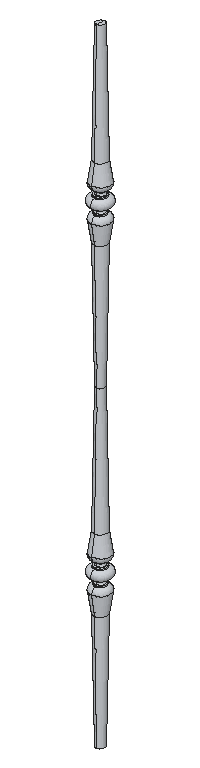
Revit family "325DL", category Balusters, Revit 2023
Family settings
  OmniClass Number = 23.30.80.11.11.14
  OmniClass Title = Posts, Newel Posts, Pickets
  Always vertical = Yes
  Cut with Voids When Loaded = No
  Shared = No
Parameters
  built-in parameter 1008623 [instance] = 32.47°
  built-in parameter 1008625 [instance] = (empty or 0)
  Post = no
  built-in parameter 1008624 [instance] = 32.47°
  built-in parameter 1008622 [instance] = 3' - 6"
Reference planes (in)
  plane 1 "Center (Front/Back)": y = 0
  plane 2: z = 0
  plane 3 "Center (Left/Right)": x = 0
  plane 4 "Top": z = 42
  plane 5 "Top Cut Angle": through (0, 13.58797, 33.35351) normal (0, -0.5369, -0.8437)
  plane 6 "Bottom Cut Angle": through (0, 0, 0) normal (0, -0.5369, -0.8437)
Forms (in)
  Revolve 1, solid
    sketch origin (0, 0, 0) x (0, 1, 0) y (0, 0, 1)
      loop
        line (0.27268, 41.99985) -> (0.00015, 41.99985) -> (0.00015, 0) -> (0.27683, 0) -> (0.45596, 7.73148)
        spline (0.45596, 7.73148) -> (0.46776, 7.91208) -> (0.48166, 8.07303) -> (0.4973, 8.21625) -> (0.51432, 8.34369) -> (0.53236, 8.45727) -> (0.55106, 8.55893) -> (0.57007, 8.6506) -> (0.58903, 8.73422) -> (0.60757, 8.81172) -> (0.62535, 8.88504) -> (0.64199, 8.9561) -> (0.65715, 9.02684)
        spline (0.65715, 9.02684) -> (0.66178, 9.06232) -> (0.66169, 9.09946) -> (0.65664, 9.13751) -> (0.64634, 9.17571) -> (0.63055, 9.21331) -> (0.60899, 9.24956) -> (0.58139, 9.28373) -> (0.5475, 9.31504) -> (0.50704, 9.34276) -> (0.45976, 9.36613) -> (0.40538, 9.38441) -> (0.34365, 9.39684)
        arc (0.34365, 9.39684) -> (0.36225, 9.41197) -> (0.36518, 9.43577) r 0.03211
        line (0.36518, 9.43577) -> (0.33479, 9.49019)
        arc (0.33479, 9.49019) -> (0.27548, 9.58536) -> (0.30145, 9.69444) r 0.14552
        line (0.30145, 9.69444) -> (0.37052, 9.75048) -> (0.40325, 9.80922)
        arc (0.40325, 9.80922) -> (0.40446, 9.82819) -> (0.39049, 9.84109) r 0.0221
        line (0.39049, 9.84109) -> (0.45837, 9.84109)
        arc (0.45837, 9.84109) -> (0.74836, 10.13108) -> (0.45837, 10.42107) r 0.28999
        line (0.45837, 10.42107) -> (0.39049, 10.42107)
        arc (0.39049, 10.42107) -> (0.40446, 10.43396) -> (0.40325, 10.45294) r 0.0221
        line (0.40325, 10.45294) -> (0.37052, 10.51168) -> (0.30145, 10.56772)
        arc (0.30145, 10.56772) -> (0.27548, 10.6768) -> (0.33479, 10.77197) r 0.14552
        line (0.33479, 10.77197) -> (0.36518, 10.82638)
        arc (0.36518, 10.82638) -> (0.36471, 10.84448) -> (0.35453, 10.85945) r 0.03211
        spline (0.35453, 10.85945) -> (0.41503, 10.87261) -> (0.46821, 10.89139) -> (0.51434, 10.91508) -> (0.55369, 10.94294) -> (0.58654, 10.97424) -> (0.61315, 11.00823) -> (0.63381, 11.0442) -> (0.64877, 11.0814) -> (0.65831, 11.11911) -> (0.66271, 11.15658) -> (0.66223, 11.1931) -> (0.65715, 11.22791)
        spline (0.65715, 11.22791) -> (0.64203, 11.29865) -> (0.62542, 11.3697) -> (0.60767, 11.443) -> (0.58914, 11.52048) -> (0.5702, 11.60408) -> (0.55119, 11.69573) -> (0.53249, 11.79737) -> (0.51444, 11.91093) -> (0.4974, 12.03835) -> (0.48174, 12.18156) -> (0.4678, 12.3425) -> (0.45596, 12.52309)
        line (0.45596, 12.52309) -> (0.25718, 20.91035) -> (0.45596, 29.29761)
        spline (0.45596, 29.29761) -> (0.4678, 29.47821) -> (0.48174, 29.63914) -> (0.4974, 29.78235) -> (0.51444, 29.90977) -> (0.53249, 30.02333) -> (0.55119, 30.12497) -> (0.5702, 30.21662) -> (0.58914, 30.30022) -> (0.60767, 30.3777) -> (0.62542, 30.451) -> (0.64203, 30.52205) -> (0.65715, 30.59279)
        spline (0.65715, 30.59279) -> (0.66223, 30.62761) -> (0.66271, 30.66412) -> (0.65831, 30.70159) -> (0.64877, 30.7393) -> (0.63381, 30.7765) -> (0.61315, 30.81247) -> (0.58654, 30.84647) -> (0.55369, 30.87776) -> (0.51434, 30.90562) -> (0.46821, 30.92931) -> (0.41503, 30.9481) -> (0.35453, 30.96125)
        arc (0.35453, 30.96125) -> (0.36471, 30.97622) -> (0.36518, 30.99432) r 0.03211
        line (0.36518, 30.99432) -> (0.33479, 31.04874)
        arc (0.33479, 31.04874) -> (0.27548, 31.1439) -> (0.30145, 31.25299) r 0.14552
        line (0.30145, 31.25299) -> (0.37052, 31.30903) -> (0.40325, 31.36777)
        arc (0.40325, 31.36777) -> (0.40446, 31.38674) -> (0.39049, 31.39963) r 0.0221
        line (0.39049, 31.39963) -> (0.45837, 31.39963)
        arc (0.45837, 31.39963) -> (0.74836, 31.68962) -> (0.45837, 31.97962) r 0.28999
        line (0.45837, 31.97962) -> (0.39049, 31.97962)
        arc (0.39049, 31.97962) -> (0.40446, 31.99251) -> (0.40325, 32.01148) r 0.0221
        line (0.40325, 32.01148) -> (0.37052, 32.07022) -> (0.30145, 32.12626)
        arc (0.30145, 32.12626) -> (0.27548, 32.23535) -> (0.33479, 32.33051) r 0.14552
        line (0.33479, 32.33051) -> (0.36518, 32.38493)
        arc (0.36518, 32.38493) -> (0.36225, 32.40873) -> (0.34365, 32.42386) r 0.03211
        spline (0.34365, 32.42386) -> (0.40538, 32.43629) -> (0.45976, 32.45457) -> (0.50704, 32.47794) -> (0.5475, 32.50566) -> (0.58139, 32.53698) -> (0.60899, 32.57114) -> (0.63055, 32.6074) -> (0.64634, 32.645) -> (0.65664, 32.6832) -> (0.66169, 32.72124) -> (0.66178, 32.75838) -> (0.65715, 32.79386)
        spline (0.65715, 32.79386) -> (0.64199, 32.86461) -> (0.62535, 32.93567) -> (0.60757, 33.00898) -> (0.58903, 33.08648) -> (0.57007, 33.1701) -> (0.55106, 33.26177) -> (0.53236, 33.36343) -> (0.51432, 33.47701) -> (0.4973, 33.60445) -> (0.48166, 33.74767) -> (0.46776, 33.90862) -> (0.45596, 34.08922)
        line (0.45596, 34.08922) -> (0.27268, 41.99985)
      axis (0, 0) -> (0, 41.99985)
    angle from 0 to 360
Text (in)
  text "Baluster Elevation" at (0, 56.5946, 48.5925), in view "Left"
Dimensions and locks (in)
  "built-in parameter 1008622": plane 2 to plane 4 "Top"
  "built-in parameter 1008623": angle plane 4 "Top" to plane 5 "Top Cut Angle"
  "built-in parameter 1008624": angle level to plane 6 "Bottom Cut Angle"
  aligned and locked: plane 2 to level
Automatic sketch dimensions
  Revolve 1 sketch curve to plane 1 "Center (Front/Back)" = 0' - 0"
  Revolve 1 sketch curve to level = 0' - 0"
  Revolve 1 sketch curve to plane 1 "Center (Front/Back)" = 0' - 0.00015"
  Revolve 1 sketch curve to plane 1 "Center (Front/Back)" = 0' - 0.25718"
  plane 4 "Top" to Revolve 1 sketch curve = 0' - 0.00015"
  Revolve 1 sketch curve to Revolve 1 sketch curve = 0' - 0.27253"
  Revolve 1 sketch curve to Revolve 1 sketch curve = 0' - 0.27668"
  Revolve 1 sketch curve to plane 1 "Center (Front/Back)" = 0' - 0.30145"  (x4)
  Revolve 1 sketch curve to Revolve 1 sketch curve = 0' - 0.0327"  (x4)
  Revolve 1 sketch curve to Revolve 1 sketch curve = 0' - 0.00064"  (x4)
  Revolve 1 sketch curve to Revolve 1 sketch curve = 0' - 0.0095"  (x2)
  Revolve 1 sketch curve to Revolve 1 sketch curve = 0' - 0.02038"  (x2)
  Revolve 1 sketch curve to Revolve 1 sketch curve = 0' - 0.03103"  (x4)
  Revolve 1 sketch curve to Revolve 1 sketch curve = 0' - 0.06907"  (x4)
  Revolve 1 sketch curve to Revolve 1 sketch curve = 0' - 0.01342"  (x4)
  Revolve 1 sketch curve to Revolve 1 sketch curve = 0' - 0.00655"  (x4)
  Revolve 1 sketch curve to Revolve 1 sketch curve = 0' - 0.01931"  (x4)
  Revolve 1 sketch curve to Revolve 1 sketch curve = 0' - 0.08431"  (x2)
  Revolve 1 sketch curve to Revolve 1 sketch curve = 0' - 0.11765"  (x2)
  Revolve 1 sketch curve to plane 1 "Center (Front/Back)" = 0' - 0.45596"  (x4)
  Revolve 1 sketch curve to Revolve 1 sketch curve = 0' - 0.05512"  (x2)
  Revolve 1 sketch curve to Revolve 1 sketch curve = 0' - 0.30262"  (x2)
  Revolve 1 sketch curve to Revolve 1 sketch curve = 0' - 0.3135"  (x2)
  level to Revolve 1 sketch curve = 0' - 7.73148"
  Revolve 1 sketch curve to Revolve 1 sketch curve = 0' - 1.29536"  (x2)
  Revolve 1 sketch curve to Revolve 1 sketch curve = 0' - 0.37"  (x2)
  Revolve 1 sketch curve to Revolve 1 sketch curve = 0' - 0.03067"
  Revolve 1 sketch curve to Revolve 1 sketch curve = 0' - 0.05442"  (x4)
  Revolve 1 sketch curve to Revolve 1 sketch curve = 0' - 0.11861"  (x2)
  Revolve 1 sketch curve to Revolve 1 sketch curve = 0' - 0.05604"  (x4)
  Revolve 1 sketch curve to Revolve 1 sketch curve = 0' - 0.05874"  (x4)
  Revolve 1 sketch curve to Revolve 1 sketch curve = 0' - 0.01076"  (x2)
  Revolve 1 sketch curve to Revolve 1 sketch curve = 0' - 0.28999"  (x2)
  Revolve 1 sketch curve to Revolve 1 sketch curve = 0' - 0.02111"  (x2)
  Revolve 1 sketch curve to Revolve 1 sketch curve = 0' - 0.08564"  (x2)
  Revolve 1 sketch curve to Revolve 1 sketch curve = 0' - 0.00826"  (x2)
  Revolve 1 sketch curve to Revolve 1 sketch curve = 0' - 0.36846"  (x2)
  Revolve 1 sketch curve to Revolve 1 sketch curve = 0' - 1.29518"  (x2)
  Revolve 1 sketch curve to Revolve 1 sketch curve = 0' - 8.38726"  (x2)
  Revolve 1 sketch curve to Revolve 1 sketch curve = 0' - 0.02481"
  Revolve 1 sketch curve to level = 0' - 2.96647"
  Revolve 1 sketch curve to plane 4 "Top" = 0' - 3.03353"
